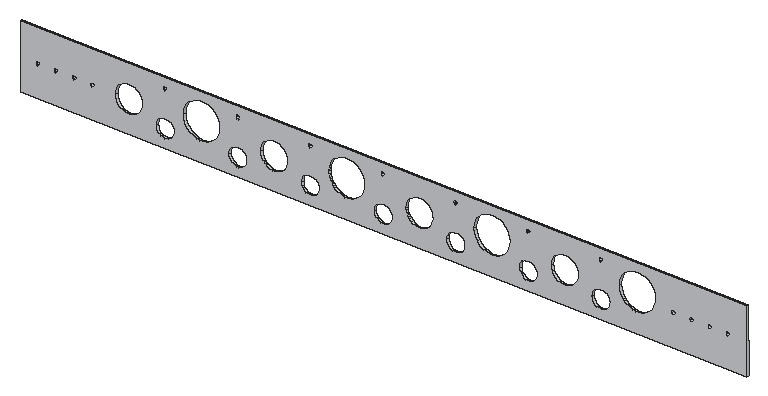
Revit family
Reference planes (in)
  plane 1 "Center (Front/Back)": y = 0
  plane 2: z = 0
  plane 3 "Center (Left/Right)": x = 0
Forms (in)
  Extrusion 1, solid
    sketch origin (0, 0, 0) x (1, 0, 0) y (0, 0, 1)
      loop
        line (-10.9724, 0) -> (9.0276, 0) -> (9.0276, 1.75) -> (-10.9724, 1.75) -> (-10.9724, 0)
    from 0 to 0.0598
  Extrusion 2, void
    sketch origin (0, 0, 0) x (1, 0, 0) y (0, 0, 1)
      loop
        circle (-10.4724, 0.875) r 0.05
    from 0 to 0.0598
  Extrusion 3, void
    sketch origin (0.5, 0, 0) x (1, 0, 0) y (0, 0, 1)
      loop
        circle (-10.4724, 0.875) r 0.05
    from 0 to 0.0598
  Extrusion 4, void
    sketch origin (1, 0, 0) x (1, 0, 0) y (0, 0, 1)
      loop
        circle (-10.4724, 0.875) r 0.05
    from 0 to 0.0598
  Extrusion 5, void
    sketch origin (1.5, 0, 0) x (1, 0, 0) y (0, 0, 1)
      loop
        circle (-10.4724, 0.875) r 0.05
    from 0 to 0.0598
  Extrusion 6, void
    sketch origin (18.5, 0, 0) x (1, 0, 0) y (0, 0, 1)
      loop
        circle (-10.4724, 0.875) r 0.05
    from 0 to 0.0598
  Extrusion 7, void
    sketch origin (19, 0, 0) x (1, 0, 0) y (0, 0, 1)
      loop
        circle (-10.4724, 0.875) r 0.05
    from 0 to 0.0598
  Extrusion 8, void
    sketch origin (18, 0, 0) x (1, 0, 0) y (0, 0, 1)
      loop
        circle (-10.4724, 0.875) r 0.05
    from 0 to 0.0598
  Extrusion 9, void
    sketch origin (17.5, 0, 0) x (1, 0, 0) y (0, 0, 1)
      loop
        circle (-10.4724, 0.875) r 0.05
    from 0 to 0.0598
  Extrusion 10, void
    sketch origin (0, 0, 0) x (1, 0, 0) y (0, 0, 1)
      loop
        circle (-7.9724, 0.875) r 0.375
    from 0 to 0.0598
  Extrusion 11, void
    sketch origin (0, 0, 0) x (1, 0, 0) y (0, 0, 1)
      loop
        circle (-5.9724, 1.035) r 0.5
    from 0 to 0.0598
  Extrusion 12, void
    sketch origin (0, 0, 0) x (1, 0, 0) y (0, 0, 1)
      loop
        circle (-6.9724, 0.5) r 0.25
    from 0 to 0.0598
  Extrusion 13, void
    sketch origin (3.5, 0, 0.61) x (1, 0, 0) y (0, 0, 1)
      loop
        circle (-10.4724, 0.875) r 0.05
    from 0 to 0.0598
  Extrusion 14, void
    sketch origin (2, 0, 0) x (1, 0, 0) y (0, 0, 1)
      loop
        circle (-6.9724, 0.5) r 0.25
    from 0 to 0.0598
  Extrusion 15, void
    sketch origin (5.5, 0, 0.61) x (1, 0, 0) y (0, 0, 1)
      loop
        circle (-10.4724, 0.875) r 0.05
    from 0 to 0.0598
  Extrusion 16, void
    sketch origin (4, 0, 0) x (1, 0, 0) y (0, 0, 1)
      loop
        circle (-7.9724, 0.875) r 0.375
    from 0 to 0.0598
  Extrusion 17, void
    sketch origin (4, 0, 0) x (1, 0, 0) y (0, 0, 1)
      loop
        circle (-5.9724, 1.035) r 0.5
    from 0 to 0.0598
  Extrusion 18, void
    sketch origin (4, 0, 0) x (1, 0, 0) y (0, 0, 1)
      loop
        circle (-6.9724, 0.5) r 0.25
    from 0 to 0.0598
  Extrusion 19, void
    sketch origin (7.5, 0, 0.61) x (1, 0, 0) y (0, 0, 1)
      loop
        circle (-10.4724, 0.875) r 0.05
    from 0 to 0.0598
  Extrusion 20, void
    sketch origin (6, 0, 0) x (1, 0, 0) y (0, 0, 1)
      loop
        circle (-6.9724, 0.5) r 0.25
    from 0 to 0.0598
  Extrusion 21, void
    sketch origin (9.5, 0, 0.61) x (1, 0, 0) y (0, 0, 1)
      loop
        circle (-10.4724, 0.875) r 0.05
    from 0 to 0.0598
  Extrusion 22, void
    sketch origin (8, 0, 0) x (1, 0, 0) y (0, 0, 1)
      loop
        circle (-7.9724, 0.875) r 0.375
    from 0 to 0.0598
  Extrusion 23, void
    sketch origin (8, 0, 0) x (1, 0, 0) y (0, 0, 1)
      loop
        circle (-5.9724, 1.035) r 0.5
    from 0 to 0.0598
  Extrusion 24, void
    sketch origin (8, 0, 0) x (1, 0, 0) y (0, 0, 1)
      loop
        circle (-6.9724, 0.5) r 0.25
    from 0 to 0.0598
  Extrusion 25, void
    sketch origin (11.5, 0, 0.61) x (1, 0, 0) y (0, 0, 1)
      loop
        circle (-10.4724, 0.875) r 0.05
    from 0 to 0.0598
  Extrusion 26, void
    sketch origin (10, 0, 0) x (1, 0, 0) y (0, 0, 1)
      loop
        circle (-6.9724, 0.5) r 0.25
    from 0 to 0.0598
  Extrusion 27, void
    sketch origin (13.5, 0, 0.61) x (1, 0, 0) y (0, 0, 1)
      loop
        circle (-10.4724, 0.875) r 0.05
    from 0 to 0.0598
  Extrusion 28, void
    sketch origin (12, 0, 0) x (1, 0, 0) y (0, 0, 1)
      loop
        circle (-7.9724, 0.875) r 0.375
    from 0 to 0.0598
  Extrusion 29, void
    sketch origin (12, 0, 0) x (1, 0, 0) y (0, 0, 1)
      loop
        circle (-5.9724, 1.035) r 0.5
    from 0 to 0.0598
  Extrusion 30, void
    sketch origin (12, 0, 0) x (1, 0, 0) y (0, 0, 1)
      loop
        circle (-6.9724, 0.5) r 0.25
    from 0 to 0.0598
  Extrusion 31, void
    sketch origin (15.5, 0, 0.61) x (1, 0, 0) y (0, 0, 1)
      loop
        circle (-10.4724, 0.875) r 0.05
    from 0 to 0.0598
Cuts and joins
  Extrusion 2, Extrusion 3, Extrusion 4, Extrusion 5, Extrusion 6, Extrusion 7, Extrusion 8, Extrusion 9, Extrusion 10, Extrusion 11, Extrusion 12, Extrusion 13, Extrusion 14, Extrusion 15, Extrusion 16, Extrusion 17, Extrusion 18, Extrusion 19, Extrusion 20, Extrusion 21, Extrusion 22, Extrusion 23, Extrusion 24, Extrusion 25, Extrusion 26, Extrusion 27, Extrusion 28, Extrusion 29, Extrusion 30, Extrusion 31 cuts Extrusion 1
Dimensions and locks (in)
  aligned and locked: plane 2 to level
  aligned and locked: Extrusion 1 sketch curve to level
  aligned and locked: Extrusion 2 to plane 1 "Center (Front/Back)"
  aligned and locked: Extrusion 1 to Extrusion 2
  aligned and locked: Extrusion 11 to plane 1 "Center (Front/Back)"
  aligned and locked: Extrusion 1 to Extrusion 11
  aligned and locked: Extrusion 12 to plane 1 "Center (Front/Back)"
  aligned and locked: Extrusion 1 to Extrusion 12
  aligned and locked: Extrusion 10 to plane 1 "Center (Front/Back)"
  aligned and locked: Extrusion 1 to Extrusion 10
Connectors (in)
  piping at (-7.9724, 0, 0.875)
    settings: on cut or joined group 1 (Extrusion 1, Extrusion 2, Extrusion 3, Extrusion 4, Extrusion 5, Extrusion 6, Extrusion 7, Extrusion 8, Extrusion 9, Extrusion 10, Extrusion 11, Extrusion 12, Extrusion 13, Extrusion 14, Extrusion 15, Extrusion 16, Extrusion 17, Extrusion 18, Extrusion 19, Extrusion 20, Extrusion 21, Extrusion 22, Extrusion 23, Extrusion 24, Extrusion 25, Extrusion 26, Extrusion 27, Extrusion 28, Extrusion 29, Extrusion 30, Extrusion 31), index 1, connector radius 0.38", flow factor 0, pipe flow 0 GPM, pressure drop 0.00 psi, fitting loss kfactor 0, connector angle 0.00°, fixture units 0, flow configuration 0, flow direction 0, fitting loss method 0, system type 22, connector reference index -1, connector utility 0, adjustable connector no, is connector primary yes, fitting loss table "", connector description ""
  piping at (-7.9724, -0.0598, 0.875)
    settings: on cut or joined group 1, index 2, connector radius 0.38", flow factor 0, pipe flow 0 GPM, pressure drop 0.00 psi, fitting loss kfactor 0, connector angle 0.00°, fixture units 0, flow configuration 0, flow direction 0, fitting loss method 0, system type 22, connector reference index -1, connector utility 0, adjustable connector no, is connector primary no, fitting loss table "", connector description ""
  piping at (-3.9724, 0, 0.875)
    settings: on cut or joined group 1, index 3, connector radius 0.38", flow factor 0, pipe flow 0 GPM, pressure drop 0.00 psi, fitting loss kfactor 0, connector angle 0.00°, fixture units 0, flow configuration 0, flow direction 0, fitting loss method 0, system type 22, connector reference index -1, connector utility 0, adjustable connector no, is connector primary no, fitting loss table "", connector description ""
  piping at (-3.9724, -0.0598, 0.875)
    settings: on cut or joined group 1, index 4, connector radius 0.38", flow factor 0, pipe flow 0 GPM, pressure drop 0.00 psi, fitting loss kfactor 0, connector angle 0.00°, fixture units 0, flow configuration 0, flow direction 0, fitting loss method 0, system type 22, connector reference index -1, connector utility 0, adjustable connector no, is connector primary no, fitting loss table "", connector description ""
  piping at (0.0276, 0, 0.875)
    settings: on cut or joined group 1, index 5, connector radius 0.38", flow factor 0, pipe flow 0 GPM, pressure drop 0.00 psi, fitting loss kfactor 0, connector angle 0.00°, fixture units 0, flow configuration 0, flow direction 0, fitting loss method 0, system type 22, connector reference index -1, connector utility 0, adjustable connector no, is connector primary no, fitting loss table "", connector description ""
  piping at (0.0276, -0.0598, 0.875)
    settings: on cut or joined group 1, index 6, connector radius 0.38", flow factor 0, pipe flow 0 GPM, pressure drop 0.00 psi, fitting loss kfactor 0, connector angle 0.00°, fixture units 0, flow configuration 0, flow direction 0, fitting loss method 0, system type 22, connector reference index -1, connector utility 0, adjustable connector no, is connector primary no, fitting loss table "", connector description ""
  piping at (4.0276, 0, 0.875)
    settings: on cut or joined group 1, index 7, connector radius 0.38", flow factor 0, pipe flow 0 GPM, pressure drop 0.00 psi, fitting loss kfactor 0, connector angle 0.00°, fixture units 0, flow configuration 0, flow direction 0, fitting loss method 0, system type 22, connector reference index -1, connector utility 0, adjustable connector no, is connector primary no, fitting loss table "", connector description ""
  piping at (4.0276, -0.0598, 0.875)
    settings: on cut or joined group 1, index 8, connector radius 0.38", flow factor 0, pipe flow 0 GPM, pressure drop 0.00 psi, fitting loss kfactor 0, connector angle 0.00°, fixture units 0, flow configuration 0, flow direction 0, fitting loss method 0, system type 22, connector reference index -1, connector utility 0, adjustable connector no, is connector primary no, fitting loss table "", connector description ""
  piping at (-6.9724, 0, 0.5)
    settings: on cut or joined group 1, index 9, connector radius 1/4", flow factor 0, pipe flow 0 GPM, pressure drop 0.00 psi, fitting loss kfactor 0, connector angle 0.00°, fixture units 0, flow configuration 0, flow direction 0, fitting loss method 0, system type 22, connector reference index -1, connector utility 0, adjustable connector no, is connector primary no, fitting loss table "", connector description ""
  piping at (-6.9724, -0.0598, 0.5)
    settings: on cut or joined group 1, index 10, connector radius 1/4", flow factor 0, pipe flow 0 GPM, pressure drop 0.00 psi, fitting loss kfactor 0, connector angle 0.00°, fixture units 0, flow configuration 0, flow direction 0, fitting loss method 0, system type 22, connector reference index -1, connector utility 0, adjustable connector no, is connector primary no, fitting loss table "", connector description ""
  piping at (-4.9724, 0, 0.5)
    settings: on cut or joined group 1, index 11, connector radius 1/4", flow factor 0, pipe flow 0 GPM, pressure drop 0.00 psi, fitting loss kfactor 0, connector angle 0.00°, fixture units 0, flow configuration 0, flow direction 0, fitting loss method 0, system type 22, connector reference index -1, connector utility 0, adjustable connector no, is connector primary no, fitting loss table "", connector description ""
  piping at (-4.9724, -0.0598, 0.5)
    settings: on cut or joined group 1, index 12, connector radius 1/4", flow factor 0, pipe flow 0 GPM, pressure drop 0.00 psi, fitting loss kfactor 0, connector angle 0.00°, fixture units 0, flow configuration 0, flow direction 0, fitting loss method 0, system type 22, connector reference index -1, connector utility 0, adjustable connector no, is connector primary no, fitting loss table "", connector description ""
  piping at (-2.9724, 0, 0.5)
    settings: on cut or joined group 1, index 13, connector radius 1/4", flow factor 0, pipe flow 0 GPM, pressure drop 0.00 psi, fitting loss kfactor 0, connector angle 0.00°, fixture units 0, flow configuration 0, flow direction 0, fitting loss method 0, system type 22, connector reference index -1, connector utility 0, adjustable connector no, is connector primary no, fitting loss table "", connector description ""
  piping at (-2.9724, -0.0598, 0.5)
    settings: on cut or joined group 1, index 14, connector radius 1/4", flow factor 0, pipe flow 0 GPM, pressure drop 0.00 psi, fitting loss kfactor 0, connector angle 0.00°, fixture units 0, flow configuration 0, flow direction 0, fitting loss method 0, system type 22, connector reference index -1, connector utility 0, adjustable connector no, is connector primary no, fitting loss table "", connector description ""
  piping at (-0.9724, 0, 0.5)
    settings: on cut or joined group 1, index 15, connector radius 1/4", flow factor 0, pipe flow 0 GPM, pressure drop 0.00 psi, fitting loss kfactor 0, connector angle 0.00°, fixture units 0, flow configuration 0, flow direction 0, fitting loss method 0, system type 22, connector reference index -1, connector utility 0, adjustable connector no, is connector primary no, fitting loss table "", connector description ""
  piping at (-0.9724, -0.0598, 0.5)
    settings: on cut or joined group 1, index 16, connector radius 1/4", flow factor 0, pipe flow 0 GPM, pressure drop 0.00 psi, fitting loss kfactor 0, connector angle 0.00°, fixture units 0, flow configuration 0, flow direction 0, fitting loss method 0, system type 22, connector reference index -1, connector utility 0, adjustable connector no, is connector primary no, fitting loss table "", connector description ""
  piping at (1.0276, 0, 0.5)
    settings: on cut or joined group 1, index 17, connector radius 1/4", flow factor 0, pipe flow 0 GPM, pressure drop 0.00 psi, fitting loss kfactor 0, connector angle 0.00°, fixture units 0, flow configuration 0, flow direction 0, fitting loss method 0, system type 22, connector reference index -1, connector utility 0, adjustable connector no, is connector primary no, fitting loss table "", connector description ""
  piping at (1.0276, -0.0598, 0.5)
    settings: on cut or joined group 1, index 18, connector radius 1/4", flow factor 0, pipe flow 0 GPM, pressure drop 0.00 psi, fitting loss kfactor 0, connector angle 0.00°, fixture units 0, flow configuration 0, flow direction 0, fitting loss method 0, system type 22, connector reference index -1, connector utility 0, adjustable connector no, is connector primary no, fitting loss table "", connector description ""
  piping at (3.0276, 0, 0.5)
    settings: on cut or joined group 1, index 19, connector radius 1/4", flow factor 0, pipe flow 0 GPM, pressure drop 0.00 psi, fitting loss kfactor 0, connector angle 0.00°, fixture units 0, flow configuration 0, flow direction 0, fitting loss method 0, system type 22, connector reference index -1, connector utility 0, adjustable connector no, is connector primary no, fitting loss table "", connector description ""
  piping at (3.0276, -0.0598, 0.5)
    settings: on cut or joined group 1, index 20, connector radius 1/4", flow factor 0, pipe flow 0 GPM, pressure drop 0.00 psi, fitting loss kfactor 0, connector angle 0.00°, fixture units 0, flow configuration 0, flow direction 0, fitting loss method 0, system type 22, connector reference index -1, connector utility 0, adjustable connector no, is connector primary no, fitting loss table "", connector description ""
  piping at (5.0276, 0, 0.5)
    settings: on cut or joined group 1, index 21, connector radius 1/4", flow factor 0, pipe flow 0 GPM, pressure drop 0.00 psi, fitting loss kfactor 0, connector angle 0.00°, fixture units 0, flow configuration 0, flow direction 0, fitting loss method 0, system type 22, connector reference index -1, connector utility 0, adjustable connector no, is connector primary no, fitting loss table "", connector description ""
  piping at (5.0276, -0.0598, 0.5)
    settings: on cut or joined group 1, index 22, connector radius 1/4", flow factor 0, pipe flow 0 GPM, pressure drop 0.00 psi, fitting loss kfactor 0, connector angle 0.00°, fixture units 0, flow configuration 0, flow direction 0, fitting loss method 0, system type 22, connector reference index -1, connector utility 0, adjustable connector no, is connector primary no, fitting loss table "", connector description ""
  piping at (-5.9724, 0, 1.035)
    settings: on cut or joined group 1, index 23, connector radius 1/2", flow factor 0, pipe flow 0 GPM, pressure drop 0.00 psi, fitting loss kfactor 0, connector angle 0.00°, fixture units 0, flow configuration 0, flow direction 0, fitting loss method 0, system type 22, connector reference index -1, connector utility 0, adjustable connector no, is connector primary no, fitting loss table "", connector description ""
  piping at (-5.9724, -0.0598, 1.035)
    settings: on cut or joined group 1, index 24, connector radius 1/2", flow factor 0, pipe flow 0 GPM, pressure drop 0.00 psi, fitting loss kfactor 0, connector angle 0.00°, fixture units 0, flow configuration 0, flow direction 0, fitting loss method 0, system type 22, connector reference index -1, connector utility 0, adjustable connector no, is connector primary no, fitting loss table "", connector description ""
  piping at (-1.9724, 0, 1.035)
    settings: on cut or joined group 1, index 25, connector radius 1/2", flow factor 0, pipe flow 0 GPM, pressure drop 0.00 psi, fitting loss kfactor 0, connector angle 0.00°, fixture units 0, flow configuration 0, flow direction 0, fitting loss method 0, system type 22, connector reference index -1, connector utility 0, adjustable connector no, is connector primary no, fitting loss table "", connector description ""
  piping at (-1.9724, -0.0598, 1.035)
    settings: on cut or joined group 1, index 26, connector radius 1/2", flow factor 0, pipe flow 0 GPM, pressure drop 0.00 psi, fitting loss kfactor 0, connector angle 0.00°, fixture units 0, flow configuration 0, flow direction 0, fitting loss method 0, system type 22, connector reference index -1, connector utility 0, adjustable connector no, is connector primary no, fitting loss table "", connector description ""
  piping at (2.0276, 0, 1.035)
    settings: on cut or joined group 1, index 27, connector radius 1/2", flow factor 0, pipe flow 0 GPM, pressure drop 0.00 psi, fitting loss kfactor 0, connector angle 0.00°, fixture units 0, flow configuration 0, flow direction 0, fitting loss method 0, system type 22, connector reference index -1, connector utility 0, adjustable connector no, is connector primary no, fitting loss table "", connector description ""
  piping at (2.0276, -0.0598, 1.035)
    settings: on cut or joined group 1, index 28, connector radius 1/2", flow factor 0, pipe flow 0 GPM, pressure drop 0.00 psi, fitting loss kfactor 0, connector angle 0.00°, fixture units 0, flow configuration 0, flow direction 0, fitting loss method 0, system type 22, connector reference index -1, connector utility 0, adjustable connector no, is connector primary no, fitting loss table "", connector description ""
  piping at (6.0276, 0, 1.035)
    settings: on cut or joined group 1, index 29, connector radius 1/2", flow factor 0, pipe flow 0 GPM, pressure drop 0.00 psi, fitting loss kfactor 0, connector angle 0.00°, fixture units 0, flow configuration 0, flow direction 0, fitting loss method 0, system type 22, connector reference index -1, connector utility 0, adjustable connector no, is connector primary no, fitting loss table "", connector description ""
  piping at (6.0276, -0.0598, 1.035)
    settings: on cut or joined group 1, index 30, connector radius 1/2", flow factor 0, pipe flow 0 GPM, pressure drop 0.00 psi, fitting loss kfactor 0, connector angle 0.00°, fixture units 0, flow configuration 0, flow direction 0, fitting loss method 0, system type 22, connector reference index -1, connector utility 0, adjustable connector no, is connector primary no, fitting loss table "", connector description ""
